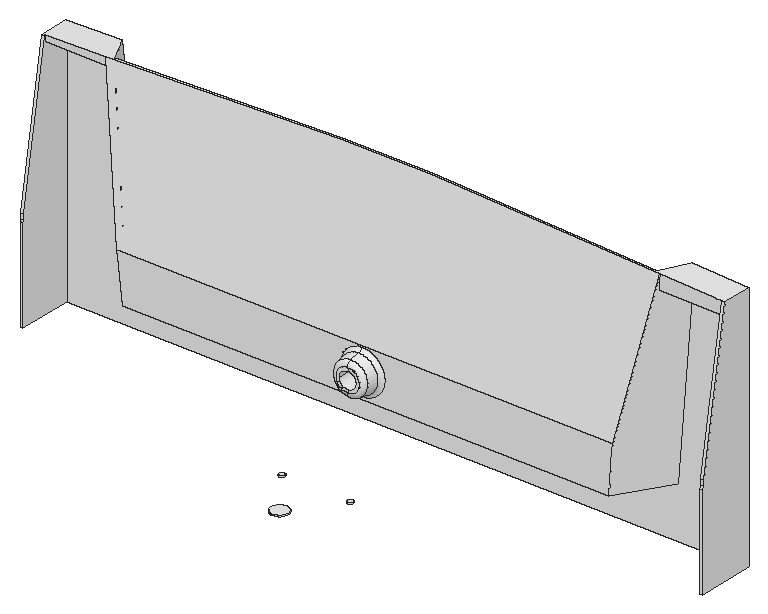
Revit family "Plumbing-Sink-Sloan-Valve-ELA-82000", category Plumbing Fixtures, host Face, Revit 2019
Family settings
  Host = Face
  Round Connector Dimension = Use Diameter
  Part Type = Normal
  OmniClass Number = 23.45.05.14.14
  OmniClass Title = Sinks/Lavatories
  Cut with Voids When Loaded = No
  Shared = No
  Room Calculation Point = No
Parameters (values of type "ELA-82000")
  Width = 60.00"  # constant formula
  Water Flow = 0.0 GPM
  Waste Connection = yes
  WFU = 2
  Vent Connection = no
  Valve Pressure Drop = 0.0 Pa
  URL = "www.sloanvalve.com"
  Sanitary Drain Connection Diameter = 1.50"
  Product data url = "https://bimobject.com/sloan_valve/product/sinks_sloanstone_ela-82000"
  Product Material = Sloan - SloanStone - White (WH)
  Product Guid = ""
  Part Number = ""
  Model = "ELA-82000"
  Manufacturer = "Sloan Valve"  # constant formula
  Keynote = "10000"
  Hot Water Connection Diameter = 0.50"
  Height = 5.00"  # constant formula
  HWFU = 1.5
  HW Connection = yes
  z_Elevation [instance] = 34.00"  # constant formula
  Edition number = 1
  Description = "SloanStone® 2-Station Wall-Mounted Arrowhead Sink."
  Depth = 23.00"  # constant formula
  Default Elevation = 0.00"  # constant formula
  Cold Water Connection Diameter = 0.50"
  CWFU = 1.5
  CW Connection = yes
  Assembly Code = "D2010400"
  ADA Compliant = 1 = 1  # yes
Reference planes (in)
  plane 1 "Center (Front/Back)": y = 0
  plane 2: z = 0
  plane 3 "Center (Left/Right)": x = 0
  plane 4: y = -14
  plane 5: y = -34
  plane 6: x = -15
  plane 7: z = 2.125
  plane 8: x = 15
  plane 9: z = 2.125
  plane 10: x = -30
  plane 11: x = 30
  plane 12: z = 23
Forms (in)
  Extrusion 1, solid, not visible
    sketch origin (0, 0, 0) x (1, 0, 0) y (0, 1, 0)
      loop
        circle (0, -14) r 0.75
      loop
        circle (3, -10) r 0.25
      loop
        circle (-3, -10) r 0.25
    from 0 to 0.50971
Dimensions and locks (in)
  plane 4 to plane 1 "Center (Front/Back)" = 14.00"
  "z_Elevation": plane 1 "Center (Front/Back)" to plane 5
  aligned and locked: plane 2 to host face
  aligned and locked: level to host face
  aligned and locked: plane 3 "Center (Left/Right)" to nested 1
  aligned and locked: plane 1 "Center (Front/Back)" to nested 1
Automatic sketch dimensions
  host sketch curve to host sketch curve = 96.00"  (x2)
  Extrusion 1 sketch curve to plane 3 "Center (Left/Right)" = 0.00"
  Extrusion 1 sketch curve to plane 4 = 0.00"
  Extrusion 1 sketch curve to plane 3 "Center (Left/Right)" = 3.00"
  plane 3 "Center (Left/Right)" to Extrusion 1 sketch curve = 3.00"
  plane 4 to Extrusion 1 sketch curve = 4.00"  (x2)
  radius of Extrusion 1 sketch curve = 0.75"
  radius of Extrusion 1 sketch curve = 0.25"  (x2)
Nested families (in)
  nested 1: "Geometry" at (0, 0, 0), type "Geometry"
Connectors (in)
  piping at (0, -14, 0), diameter 1.5, driven by "WFU", driven by "Sanitary Drain Connection Diameter"
    settings: on Extrusion 1, index 2, connector inside diameter 24.00", connector length 0.00", flow factor 0, pipe flow 0.0 GPM, pressure drop 0.0 Pa, fitting loss kfactor 0, connector angle 0.00°, fixture units 2, engagement length 0.00", angle of deflection 0.00°, flow configuration 3, flow direction 2, fitting loss method 0, system type 16, joint type 0, gender type 0, connector reference index -1, connector utility 0, adjustable connector no, is connector primary yes, connector description "Sanitary Drain Connection"
  piping at (3, -10, 0), diameter 0.5, driven by "Cold Water Connection Diameter", driven by "Valve Pressure Drop"
    settings: on Extrusion 1, index 3, connector inside diameter 24.00", connector length 0.00", flow factor 0, pipe flow 0.0 GPM, pressure drop 0.0 Pa, fitting loss kfactor 0, connector angle 0.00°, fixture units 1.5, engagement length 0.00", angle of deflection 0.00°, flow configuration 3, flow direction 1, fitting loss method 0, system type 20, joint type 0, gender type 0, connector reference index -1, connector utility 0, adjustable connector no, is connector primary no, connector description "Cold Water Connection"
  piping at (-3, -10, 0), diameter 0.5, driven by "Valve Pressure Drop", driven by "Hot Water Connection Diameter"
    settings: on Extrusion 1, index 4, connector inside diameter 24.00", connector length 0.00", flow factor 0, pipe flow 0.0 GPM, pressure drop 0.0 Pa, fitting loss kfactor 0, connector angle 0.00°, fixture units 1.5, engagement length 0.00", angle of deflection 0.00°, flow configuration 3, flow direction 1, fitting loss method 0, system type 19, joint type 0, gender type 0, connector reference index -1, connector utility 0, adjustable connector no, is connector primary no, connector description "Hot Water Connection"
Definition of nested family "Geometry"
  Parameters (values of type "Geometry")
    URL = ""
    Type Comments = ""
    Model = ""
    Manufacturer = ""
    Product Material = none
    Description = ""
    Default Elevation = 34.00"
    Assembly Code = ""
  Reference planes (in)
    plane 1 "Center (Front/Back)": y = 0
    plane 2: z = 0
    plane 3 "Center (Left/Right)": x = 0
    plane 4: x = -30
    plane 5: x = 30
    plane 6: y = -6.5
    plane 7: y = -5
    plane 8: x = -25
    plane 9: x = 25
    plane 10: z = 2.125
    plane 11: z = 5
    plane 12: through (-25.94003, 0.22995, 48) normal (-0.8887, -0.4585, 0)
    plane 13: through (-21.35966, -4.28649, 48) normal (-0.8887, -0.4585, 0)
    plane 14: through (23.91586, -3.37838, 48) normal (-0.8887, 0.4584, 0)
    plane 15: through (23.33527, -0.14099, 48) normal (-0.8887, 0.4584, 0)
    plane 16: x = 0
    plane 17: x = 0
    plane 18: through (-27.95378, 4.13353, 48) normal (0.8887, 0.4585, 0)
    plane 19: through (-60.72613, -10.62429, 48) normal (0.8887, 0.4585, 0)
    plane 20: through (-26.32956, 5.34743, 48) normal (0.8887, 0.4585, 0)
    plane 21: through (28.61197, 5.72658, 48) normal (0.8887, -0.4584, 0)
    plane 22: through (35.05529, 22.58211, 48) normal (0.8887, -0.4584, 0)
    plane 23: through (70.1881, 6.18225, 48) normal (0.8887, -0.4584, 0)
    plane 24: through (-32.10559, 5.63803, 48) normal (0.8887, 0.4585, 0)
    plane 25: through (-32.10559, 5.63803, 48) normal (0.8887, 0.4585, 0)
    plane 26: through (40.73852, 22.69329, 48) normal (0.8887, -0.4584, 0)
    plane 27: z = 7
    plane 28: x = 15
    plane 29: x = -15
    plane 30: x = 0
    plane 31: x = 0
    plane 32: y = -15
    plane 33: y = -13
    plane 34: z = 0.03125
    plane 35: x = 17
    plane 36: x = 13
    plane 37: x = -13
    plane 38: x = -17
    plane 39: x = -2
    plane 40: x = 2
    plane 41: x = -15
    plane 42: x = 15
    plane 43: x = 0
    plane 44: x = 15
    plane 45: x = -15
    plane 46: x = -30
    plane 47: x = 30
    plane 48: y = -34
  Forms (in)
    Extrusion 1, solid
      sketch origin (0, 0, 0) x (1, 0, 0) y (0, 1, 0)
        loop
          line (-82, 48) -> (-82, -48) -> (80.23655, -48) -> (80.23655, 48) -> (-82, 48)
      from 0 to -12
    Sweep 2, solid, material <- "Product Material"
      path origin (-107.81743, 24.09789, 0) x (1, 0, 0) y (0, 1, 0)
        loop
          line (137.81743, -29.09789) -> (137.81743, -24.09789) -> (77.81743, -24.09789) -> (77.81743, -29.09789)
      profile origin (-30, -2.5, 0) x (1, 0, 0) y (0, 0, 1)
        loop
          line (0, 0) -> (0.25, 0) -> (0.25, 23) -> (0, 23) -> (0, 0)
    Extrusion 3, solid, material <- "Product Material"
      sketch origin (20.13409, 45.78834, -27.3788) x (0, 1, 0) y (0, 0, 1)
        loop
          line (-45.78834, 31.93547) -> (-45.78834, 32.3788) -> (-50.4495, 32.3788) -> (-50.4495, 36.3788) -> (-48.00422, 50.24668) -> (-48.25422, 50.24668) -> (-50.6995, 36.3788) -> (-50.6995, 32.18899) -> (-45.78834, 31.93547)
      from -45.13409 to 4.86591
    Blend 4, solid, material <- "Product Material"
      base sketch origin (20.65328, 0, 0) x (-1, 0, 0) y (0, -1, 0)
        loop
          line (43.65898, 0) -> (44.22423, 0) -> (41.69069, 4.91115) -> (41.12544, 4.91115) -> (43.65898, 0)
      top sketch origin (20.65328, 0, 0) x (-1, 0, 0) y (0, -1, 0)
        loop
          line (45.78812, 0) -> (46.47468, 0) -> (43.94114, 4.91115) -> (43.24449, 4.91115) -> (45.78812, 0)
      from 4.55667 to 23
    Blend 5, void
      base sketch origin (20.08943, 0, 0) x (-1, 0, 0) y (0, -1, 0)
        loop
          line (43.66039, 0) -> (49.2865, 0) -> (46.75296, 4.91115) -> (41.12685, 4.91115) -> (43.66039, 0)
      top sketch origin (20.08943, 0, 0) x (-1, 0, 0) y (0, -1, 0)
        loop
          line (45.91083, 0) -> (49.2865, 0) -> (46.75296, 4.91115) -> (43.37729, 4.91115) -> (45.91083, 0)
      from 4.55667 to 23
    Blend 6, solid, material <- "Product Material"
      base sketch origin (-47.52828, 0, 0) x (1, 0, 0) y (0, 1, 0)
        loop
          line (70.93627, 0) -> (68.40322, -4.91115) -> (69.13834, -4.91115) -> (71.67139, 0) -> (70.93627, 0)
      top sketch origin (-47.52828, 0, 0) x (1, 0, 0) y (0, 1, 0)
        loop
          line (72.62354, 0) -> (70.09049, -4.91115) -> (70.65358, -4.91115) -> (73.18663, 0) -> (72.62354, 0)
      from 4.55667 to 23
    Blend 7, void
      base sketch origin (-20.08943, 0, 0) x (1, 0, 0) y (0, 1, 0)
        loop
          line (43.49743, 0) -> (40.96437, -4.91115) -> (46.59026, -4.91115) -> (49.12331, 0) -> (43.49743, 0)
      top sketch origin (-20.08943, 0, 0) x (1, 0, 0) y (0, 1, 0)
        loop
          line (45.74778, 0) -> (43.21473, -4.91115) -> (46.59026, -4.91115) -> (49.12331, 0) -> (45.74778, 0)
      from 4.55667 to 23
    Extrusion 8, void
      sketch origin (0, 0, 0) x (0, 1, 0) y (0, 0, 1)
        loop
          line (-2.25626, 24.05667) -> (-5.41115, 24.05667) -> (-5.41115, 8.17817) -> (-5.2433, 8.17817)
          arc (-5.2433, 8.17817) -> (-5.00844, 8.27546) -> (-4.91115, 8.51032) r 0.33214
          line (-4.91115, 8.51032) -> (-4.91115, 9) -> (-2.25626, 24.05667)
      from -30 to 30
    Extrusion 9, void
      sketch origin (0, 0, 0) x (0, 1, 0) y (0, 0, 1)
        loop
          line (-0.25, 2.39952) -> (-0.25, 4.56958) -> (-5, 4.81478) -> (-5, 2.39952) -> (-0.25, 2.39952)
      from -25 to 25
    Extrusion 10, void
      sketch origin (0, 0, 0) x (1, 0, 0) y (0, 0, 1)
        loop
          line (30, 22) -> (30, 24) -> (-30, 24) -> (-30, 22) -> (0, 23) -> (30, 22)
      from 0 to 5
    Extrusion 11, solid, material <- "Product Material"
      sketch origin (0, 0, 0) x (1, 0, 0) y (0, 1, 0)
        loop
          line (-29.75, -0.25) -> (-29.75, -2.58158) -> (-24.13446, -2.58158) -> (-25.33456, -0.25) -> (-29.75, -0.25)
      from 21.54991 to 22.86788
    Extrusion 12, solid, material <- "Product Material"
      sketch origin (0, 0, 0) x (1, 0, 0) y (0, 1, 0)
        loop
          line (25.43663, 0) -> (24.10791, -2.58145) -> (30, -2.58145) -> (30, 0) -> (25.43663, 0)
      from 20.91146 to 22.86788
    Extrusion 13, void
      sketch origin (0, 0, 0) x (1, 0, 0) y (0, 0, 1)
        loop
          line (23.53321, 5) -> (25.36016, 23) -> (-25.2732, 23) -> (-23.14159, 5) -> (23.53321, 5)
      from 0 to 0.25
    Revolve 14, solid, material <- "Product Material"
      sketch origin (0, 0.08885, -12) x (0, 0, -1) y (0, 1, 0)
        loop
          line (-19, -6.58885) -> (-19, -5) -> (-20.94175, -5)
          arc (-20.94175, -5) -> (-20.72777, -5.14237) -> (-20.61731, -5.37444) r 0.48228
          line (-20.61731, -5.37444) -> (-20.46879, -6.21673)
          arc (-20.46879, -6.21673) -> (-20.31478, -6.48349) -> (-20.02532, -6.58885) r 0.45031
          line (-20.02532, -6.58885) -> (-19, -6.58885)
        axis (-19, -5) -> (-19, -6.58885)
      angle from 0 to 360
    Revolve 15, solid, material <- "Product Material"
      sketch origin (0, 0.08885, -12) x (0, 0, -1) y (0, 1, 0)
        loop
          line (-19, -6.58885) -> (-19, -5) -> (-20.94175, -5)
          arc (-20.94175, -5) -> (-20.72777, -5.14237) -> (-20.61731, -5.37444) r 0.48228
          line (-20.61731, -5.37444) -> (-20.46879, -6.21673)
          arc (-20.46879, -6.21673) -> (-20.31478, -6.48349) -> (-20.02532, -6.58885) r 0.45031
          line (-20.02532, -6.58885) -> (-19, -6.58885)
        axis (-19, -5) -> (-19, -6.58885)
      angle from 0 to 360
    Extrusion 16, void
      sketch origin (0.06417, -0.91761, 0) x (1, 0, 0) y (0, 0, 1)
        loop
          circle (-0.06417, 7) r 0.75
      from 5.63372 to 3.74354
    Extrusion 17, void
      sketch origin (-53.24219, -1.75, 0) x (1, 0, 0) y (0, 0, 1)
        loop
          circle (53.24219, 7) r 0.75
      from 2.91115 to 4.75
    Extrusion 18, solid, material <- "Product Material"
      sketch origin (0, 0, 0) x (1, 0, 0) y (0, 1, 0)
        loop
          circle (0, -14) r 0.75
        loop
          circle (-3, -10) r 0.25
        loop
          circle (3, -10) r 0.25
      from 0 to 0.07489
  Cuts and joins
    Extrusion 8, Extrusion 9, Extrusion 10, Extrusion 13, Extrusion 17 cuts Sweep 2
    Blend 5, Blend 7, Extrusion 8, Extrusion 9, Extrusion 10, Extrusion 13, Extrusion 16, Extrusion 17 cuts Extrusion 3
    Blend 7, Extrusion 8, Extrusion 9, Extrusion 10, Extrusion 17 cuts Blend 4
    Extrusion 8, Extrusion 9, Extrusion 10, Extrusion 17 cuts Blend 6
    Extrusion 10, Extrusion 13, Extrusion 17 cuts Extrusion 11
    Extrusion 10, Extrusion 13, Extrusion 17 cuts Extrusion 12
    joined: Sweep 2, Extrusion 3, Blend 4, Blend 6, Extrusion 11, Extrusion 12
    Extrusion 16 cuts Revolve 15
    Extrusion 17 cuts Revolve 14
  Lines and regions (in)
    Masking region 1
      outline origin (0, 0, 0) x (1, 0, 0) y (0, 0, 1)
        loop
          line (30, 0) -> (30, 22) -> (3.96355, 22.86788) -> (-3.96355, 22.86788) -> (-30, 22) -> (-30, 0) -> (30, 0)
    symbolic lines, detail levels medium+fine
      curve 1: line (23.44855, 0, 5) -> (-23.05688, 0, 5)
      curve 2: line (-21.11286, 0, 9) -> (21.41038, 0, 9)
      curve 3: line (-21.11286, 0, 9) -> (-20.65219, 0, 5)
      curve 4: line (21.41038, 0, 9) -> (21.04444, 0, 5)
      curve 8: line (23.44855, 0, 5) -> (25.01897, 0, 22.16603)
      curve 9: line (23.81954, 0, 22.20602) -> (21.41038, 0, 9)
      curve 10: line (-23.05688, 0, 5) -> (-25.03849, 0, 22.16538)
      curve 11: line (-23.85842, 0, 22.20472) -> (-21.11177, 0, 9)
    symbolic lines, detail levels fine
      curve 5: circle (15, 0, 2.125) r 0.5625 normal (0, -1, 0)
      curve 6: circle (0, 0, 7) r 0.75 normal (0, -1, 0)
      curve 7: circle (-15, 0, 2.125) r 0.5625 normal (0, -1, 0)
  Dimensions and locks (in)
    locked: Sweep 2 sketch curve to Sweep 2 sketch curve at 23
    equal spacing: plane 4, plane 3 "Center (Left/Right)", plane 5
    plane 4 to plane 5 = 60.00"
    locked: plane 4 to plane 8 at 5
    locked: plane 9 to plane 5 at 5
    locked: Sweep 2 to Extrusion 3 at 4.91115
    locked: Sweep 2 sketch curve to Sweep 2 sketch curve at 0.25
    plane 7 to plane 1 "Center (Front/Back)" = 5.00"
    plane 6 to plane 1 "Center (Front/Back)" = 6.50"
    Extrusion 10 sketch curve to Extrusion 10 sketch curve = 2.00"  (x2)
    plane 18 to plane 19 = 35.89114"
    locked: Blend 4 sketch curve to Blend 4 sketch curve at 0.68656
    locked: Blend 4 sketch curve to Blend 4 sketch curve at 0.50235
    locked: plane 20 to plane 18 at 2
    locked: Blend 6 sketch curve to Blend 6 sketch curve at 0.56308
    locked: plane 21 to plane 22 at 2
    plane 23 to plane 21 = 36.74185"
    locked: Blend 6 sketch curve to Blend 6 sketch curve at 0.65333
    locked: plane 18 to plane 24 at 3
    locked: plane 18 to plane 25 at 3
    locked: plane 26 to plane 21 at 3
    locked: plane 32 to plane 7 at 10
    locked: plane 33 to plane 7 at 8
    locked: plane 34 to Extrusion 1 at 0.03125
    plane 16 to plane 3 "Center (Left/Right)" = 0.00"  (x2)
    plane 28 to plane 3 "Center (Left/Right)" = 15.00"
    plane 3 "Center (Left/Right)" to plane 17 = 0.00"  (x2)
    plane 3 "Center (Left/Right)" to plane 29 = 15.00"
    plane 30 to plane 3 "Center (Left/Right)" = 0.00"
    plane 3 "Center (Left/Right)" to plane 31 = 0.00"
    locked: plane 6 to plane 1 "Center (Front/Back)" at 6.5
    locked: plane 38 to plane 41 at 2
    locked: plane 42 to plane 35 at 2
    locked: plane 43 to plane 40 at 2
    plane 48 to Extrusion 18 sketch curve = 20.00"
    plane 48 to Extrusion 18 sketch curve = 24.00"  (x2)
    Extrusion 18 sketch curve to plane 43 = 3.00"
    plane 43 to Extrusion 18 sketch curve = 3.00"
    angle Extrusion 3 sketch curve to Extrusion 3 sketch curve = 10.00°
    aligned and locked: Extrusion 1 to plane 2
    aligned and locked: Extrusion 1 to level
    aligned and locked: Sweep 2 sketch curve to plane 4
    aligned and locked: Sweep 2 sketch curve to plane 1 "Center (Front/Back)"
    aligned and locked: Sweep 2 sketch curve to plane 5
    aligned and locked: plane 9 to Extrusion 3
    aligned and locked: Extrusion 3 to plane 8
    aligned and locked: plane 12 to Blend 4 sketch curve
    aligned and locked: Blend 4 sketch curve to plane 13
    aligned and locked: Sweep 2 to Blend 5
    aligned and locked: Sweep 2 to Blend 4
    aligned and locked: Blend 5 to Extrusion 3
    aligned and locked: Extrusion 3 to Blend 4
    aligned and locked: plane 14 to Blend 6 sketch curve
    aligned and locked: plane 15 to Blend 6 sketch curve
    aligned and locked: Sweep 2 to Blend 6
    aligned and locked: Extrusion 8 to plane 4
    aligned and locked: plane 5 to Extrusion 8
    aligned and locked: Extrusion 9 sketch curve to cut or joined group 1 (Sweep 2, Extrusion 3, Blend 4, Blend 5, Blend 6, Blend 7, Extrusion 8, Extrusion 9, Extrusion 10, Extrusion 11, Extrusion 12, Extrusion 13, Extrusion 16, Extrusion 17)  (x2)
    aligned and locked: plane 7 to Extrusion 9 sketch curve
    aligned and locked: Extrusion 3 to Extrusion 9
    aligned and locked: Extrusion 9 to Extrusion 3
    aligned and locked: Extrusion 10 sketch curve to plane 5
    aligned and locked: plane 4 to Extrusion 10 sketch curve
    aligned and locked: plane 3 "Center (Left/Right)" to Extrusion 10 sketch curve
    aligned and locked: Extrusion 10 to Sweep 2  (x2)
    aligned and locked: cut or joined group 1 to Extrusion 11
    aligned and locked: Extrusion 12 to cut or joined group 1
    aligned and locked: cut or joined group 1 to Extrusion 12
    aligned and locked: Extrusion 12 to plane 1 "Center (Front/Back)"
    aligned and locked: Sweep 2 to Extrusion 13
    aligned and locked: plane 18 to plane 12
    aligned and locked: plane 20 to plane 13
    aligned and locked: plane 14 to plane 21
    aligned and locked: plane 15 to plane 22
    aligned and locked: Blend 5 sketch curve to plane 18
    aligned and locked: Blend 5 sketch curve to plane 24
    aligned and locked: Blend 5 sketch curve to plane 20
    aligned and locked: plane 25 to Blend 5 sketch curve
    aligned and locked: Blend 7 sketch curve to plane 21
    aligned and locked: Blend 7 sketch curve to plane 22
    aligned and locked: Blend 7 sketch curve to var sketch
    aligned and locked: Extrusion 3 to Extrusion 17
    aligned and locked: cut or joined group of Revolve 14, Extrusion 17 to Extrusion 17
    aligned and locked: cut or joined group 1 to Extrusion 16
    aligned and locked: plane 30 to Extrusion 16 sketch curve
    aligned and locked: plane 27 to Extrusion 16 sketch curve
    aligned and locked: plane 31 to Extrusion 17 sketch curve
    aligned and locked: plane 27 to Extrusion 17 sketch curve
    aligned and locked: curve 1 to cut or joined group 1
    aligned and locked: curve 2 to cut or joined group 1
    aligned and locked: curve 3 to cut or joined group 1
    aligned and locked: curve 4 to cut or joined group 1
    aligned and locked: Masking region 1 sketch curve to cut or joined group 1  (x5)
    aligned and locked: Extrusion 1 to Masking region 1 sketch curve
    aligned and locked: plane 42 to curve 5
    aligned and locked: plane 41 to curve 7
    aligned and locked: curve 8 to cut or joined group 1
    aligned and locked: cut or joined group 1 to curve 9
    aligned and locked: curve 10 to cut or joined group 1
  Automatic sketch dimensions
    Extrusion 1 sketch curve to Extrusion 1 sketch curve = 162.23655"
    Extrusion 1 sketch curve to Extrusion 1 sketch curve = 96.00"
    plane 7 to Sweep 2 sketch curve = 0.00"  (x2)
    profile plane to Sweep 2 sketch curve = 0.00"
    Sweep 2 sketch curve to profile plane = 0.00"
    Extrusion 3 sketch curve to plane 11 = 0.00"
    Extrusion 3 sketch curve to plane 1 "Center (Front/Back)" = 0.00"
    plane 1 "Center (Front/Back)" to Extrusion 3 sketch curve = 2.21587"
    Extrusion 3 sketch curve to Extrusion 3 sketch curve = 0.25"
    plane 1 "Center (Front/Back)" to Extrusion 3 sketch curve = 4.66115"
    Extrusion 3 sketch curve to plane 7 = 0.08885"
    Extrusion 3 sketch curve to plane 11 = 0.1898"
    Extrusion 3 sketch curve to plane 11 = 0.44333"
    Extrusion 3 sketch curve to Extrusion 3 sketch curve = 0.00"
    plane 1 "Center (Front/Back)" to Blend 4 sketch curve = 0.00"  (x2)
    plane 7 to Blend 4 sketch curve = 0.08885"  (x2)
    Blend 4 sketch curve to Blend 4 sketch curve = 0.69665"
    plane 1 "Center (Front/Back)" to Blend 5 sketch curve = 0.00"  (x2)
    plane 7 to Blend 5 sketch curve = 0.08885"  (x2)
    plane 1 "Center (Front/Back)" to Blend 6 sketch curve = 0.00"  (x2)
    Blend 6 sketch curve to plane 7 = 0.08885"  (x2)
    Blend 6 sketch curve to Blend 6 sketch curve = 0.56308"
    plane 1 "Center (Front/Back)" to Blend 7 sketch curve = 0.00"  (x2)
    Blend 7 sketch curve to plane 7 = 0.08885"  (x2)
    plane 26 to Blend 7 sketch curve = 0.00"  (x2)
    plane 7 to Extrusion 8 sketch curve = 0.41115"
    Extrusion 8 sketch curve to Extrusion 8 sketch curve = 0.16786"
    Extrusion 8 sketch curve to plane 7 = 0.08885"
    plane 1 "Center (Front/Back)" to Extrusion 8 sketch curve = 2.25626"
    plane 27 to Extrusion 8 sketch curve = 2.00"
    Extrusion 8 sketch curve to Extrusion 8 sketch curve = 0.48968"
    plane 10 to Extrusion 9 sketch curve = 0.27452"
    plane 4 to Extrusion 11 sketch curve = 0.25"
    Extrusion 11 sketch curve to plane 8 = 0.33456"
    plane 8 to Extrusion 11 sketch curve = 0.86554"
    Extrusion 11 sketch curve to plane 7 = 2.41842"
    plane 1 "Center (Front/Back)" to Extrusion 11 sketch curve = 0.25"
    plane 1 "Center (Front/Back)" to Extrusion 12 sketch curve = 0.00"
    Extrusion 12 sketch curve to plane 5 = 0.00"
    plane 9 to Extrusion 12 sketch curve = 0.43663"
    Extrusion 12 sketch curve to plane 9 = 0.89209"
    Extrusion 12 sketch curve to plane 7 = 2.41855"
    Extrusion 13 sketch curve to plane 11 = 0.00"
    Extrusion 13 sketch curve to plane 8 = 0.2732"
    plane 8 to Extrusion 13 sketch curve = 1.85841"
    Extrusion 13 sketch curve to plane 9 = 1.46679"
    plane 9 to Extrusion 13 sketch curve = 0.36016"
    Revolve 14 sketch curve to plane 6 = 0.00"
    Revolve 14 sketch curve to plane 27 = 0.00"  (x2)
    Revolve 14 sketch curve to plane 6 = 0.45031"
    plane 27 to Revolve 14 sketch curve = 1.02532"
    Revolve 14 sketch curve to plane 6 = 0.37212"
    plane 7 to Revolve 14 sketch curve = 0.2856"
    Revolve 14 sketch curve to Revolve 14 sketch curve = 0.14852"
    Revolve 14 sketch curve to plane 7 = 0.08885"
    Revolve 14 sketch curve to Revolve 14 sketch curve = 0.32444"
    plane 7 to Revolve 14 sketch curve = 0.36934"
    plane 6 to Revolve 14 sketch curve = 0.07948"
    Revolve 14 sketch curve to Revolve 14 sketch curve = 0.15231"
    Revolve 15 sketch curve to plane 6 = 0.00"
    Revolve 15 sketch curve to plane 27 = 0.00"  (x2)
    Revolve 15 sketch curve to plane 6 = 0.45031"
    plane 27 to Revolve 15 sketch curve = 1.02532"
    Revolve 15 sketch curve to plane 6 = 0.37212"
    plane 7 to Revolve 15 sketch curve = 0.2856"
    Revolve 15 sketch curve to Revolve 15 sketch curve = 0.14852"
    Revolve 15 sketch curve to plane 7 = 0.08885"
    Revolve 15 sketch curve to Revolve 15 sketch curve = 0.32444"
    plane 7 to Revolve 15 sketch curve = 0.36934"
    plane 6 to Revolve 15 sketch curve = 0.07948"
    Revolve 15 sketch curve to Revolve 15 sketch curve = 0.15231"
    curve 6 to plane 3 "Center (Left/Right)" = 0.00"
    curve 5 to plane 10 = 0.00"
    curve 7 to plane 10 = 0.00"
    curve 6 to plane 27 = 0.00"
    curve 10 to plane 8 = 0.03849"
    plane 8 to curve 11 = 1.14158"
    curve 2 to curve 11 = 0.00109"
    plane 9 to curve 8 = 0.01897"
    curve 11 to curve 2 = 0.00"
    curve 9 to plane 9 = 1.18046"
    curve 10 to curve 11 = 0.03934"
    plane 27 to Extrusion 3 sketch curve = 2.00"
    Extrusion 8 sketch curve to Extrusion 8 sketch curve = 15.05667"
    plane 27 to Extrusion 10 sketch curve = 15.00"
    plane 27 to Extrusion 10 sketch curve = 16.00"
    plane 27 to Extrusion 13 sketch curve = 16.00"
    Extrusion 18 sketch curve to plane 3 "Center (Left/Right)" = 0.00"
    radius of Extrusion 16 sketch curve = 0.75"
    radius of Extrusion 17 sketch curve = 0.75"
    radius of curve 5 = 0.5625"
    radius of curve 6 = 0.75"
    radius of curve 7 = 0.5625"
    radius of Extrusion 18 sketch curve = 0.75"
    radius of Extrusion 18 sketch curve = 0.25"  (x2)
